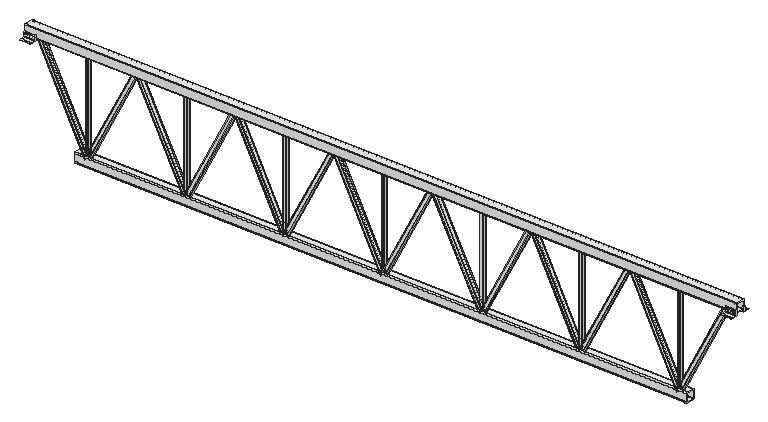
Revit family "Caibro da barra - Banzo do tubo quadrado com trama do tubo quadrado", category Quadro estrutural, Revit 2019
Family settings
  Arredondamento do comprimento do framing estrutural = 1 mm
  Forma do corte = Não definido
  Material para o comportamento do modelo = Aço
  Exportar sempre como geometria = Sim
  Sempre na vertical = Sim
  Corte com vazios quando carregada = Não
  Representação simbólica = Da família
  Compartilhado = Não
  Exibir o pré-corte da família na vista da planta = Sim
Parameters (values of type "TQ D150")
  Material da rede [instance] = Metal - Aço - 250 MPa
  Tipo vertical [instance] = Vertical : TQ 50x50x3.6
  Visibilidade do membro vertical = yes
  Tipo de banzo superior [instance] = Banzo : TQ 130x130x5.2
  Structural Material [instance] = Metal - Aço - 250 MPa
  Deslocamento inicial [instance] = 0 mm
  Extensão inicial do cordão superior [instance] = 0 mm
  SpaceNum [instance] = 2 * Número da metade do espaço  # 14
  Espessura do perfil do assento = 6.4 mm
  Altura do perfil do assento = 76.2 mm
  Comprimento do assento = 150 mm
  Profundidade do assento [instance] = 160 mm
  Tipo diagonal [instance] = Diagonal : TQ 60x60x3.6
  Linear = 1500 mm
  LarguraPainel [instance] = (Length - Comprimento do assento * 2) / SpaceNum  # 692.857 mm
  NumMatrizPainel 2 [instance] = Meio NúmeroMatrizPainel + 1  # 7
  NumMatrizPainel 1 [instance] = Meio NúmeroMatrizPainel  # 6
  NumMatrizPainel [instance] = SpaceNum - 3  # 11
  Altura do painel [instance] = Linear - Profundidade do assento  # 1340 mm
  Comprimento do deslocamento 2 [instance] = Painel final - Deslocamento final + Extensão final do cordão inferior  # 142.857 mm
  Comprimento do deslocamento 1 [instance] = Painel final - Deslocamento inicial + Extensão inicial do cordão inferior  # 142.857 mm
  Número da metade do espaço [instance] = 7
  d [instance] = Profundidade do assento / 2  # 80 mm
  Tipo de banzo inferior [instance] = Banzo : TQ 130x130x5.2
  Extensão inicial do cordão inferior [instance] = -700 mm
  Extensão final do cordão inferior [instance] = -700 mm
  Meio NúmeroMatrizPainel [instance] = NumMatrizPainel / 2  # 6
  Painel final [instance] = LarguraPainel + Comprimento do assento  # 842.857 mm
  Deslocamento final [instance] = 0 mm
  Extensão final do cordão superior [instance] = 0 mm
  Assembly Code = ""
  Length [instance] = 10000 mm
Reference planes
  plane 1 "Centro (Frente/Trás)": y = 0
  plane 2: z = 0
  plane 3 "Centro (Esquerda/Direita)": x = 458.446
  plane 4 "Membro esquerdo": x = -3381.554
  plane 5 "Membro direito": x = 3560.61
  plane 6: z = 750
  plane 7: z = -750
  plane 8 "Esquerda": x = -4541.554
  plane 9 "Símbolo esquerdo de verga": x = -5435.59
  plane 10 "Símbolo direito de verga": x = 6401.136
  plane 11 "Direita": x = 5458.446
  plane 12: x = -4391.554
  plane 13: x = -3698.697
  plane 14: x = 5308.446
  plane 15: x = 4615.588
  plane 16: z = -720
  plane 17: x = -4541.554
  plane 18: x = 5458.446
  plane 19: x = -4541.554
  plane 20: x = 5458.446
  plane 21: x = 3922.731
  plane 22: x = 3229.874
  plane 23: x = -3005.84
  plane 24: x = -2312.983
  plane 25: x = -1620.126
  plane 26: x = -3841.554
  plane 27: x = 4758.446
  plane 28: x = -5435.59
  plane 29 "Esquerda do símbolo": x = -5435.59
  plane 30: x = 6401.136
  plane 31 "Direita do símbolo": x = 6401.136
  plane 32: z = 670
  plane 33: z = -670
  plane 34: z = 590
Forms (mm)
  Sweep 1, solid, material "Metal - Aço - 250 MPa" <- "Structural Material", detail levels medium+fine
    path origin (-4304.156, 65, 762.225) x (1, 0, 0) y (0, 0, -1)
      loop
        line (-237.398, 172.225) -> (-87.398, 172.225)
    profile "Assento - Perfil : Assento - Perfil" origin (-4466.554, 65, 590) x (0, 0, -1) y (0, 1, 0)
      loop
        arc (0, 76.2) -> (-4.525, 74.325) -> (-6.4, 69.8) r 6.4
        line (-6.4, 69.8) -> (-6.4, 12.8)
        arc (-6.4, 12.8) -> (-8.275, 8.275) -> (-12.8, 6.4) r 6.4
        line (-12.8, 6.4) -> (-69.8, 6.4)
        arc (-69.8, 6.4) -> (-74.325, 4.525) -> (-76.2, 0) r 6.4
        line (-76.2, 0) -> (0, 0) -> (0, 76.2)
  Sweep 2, solid, material "Metal - Aço - 250 MPa" <- "Structural Material", detail levels medium+fine
    path origin (-13643.971, -65, 680.328) x (1, 0, 0) y (0, 0, 1)
      loop
        line (9102.417, -90.328) -> (9252.417, -90.328)
    profile "Assento - Perfil : Assento - Perfil" origin (-4466.554, -65, 590) x (0, 0, 1) y (0, -1, 0)
      loop
        arc (76.2, 0) -> (74.325, 4.525) -> (69.8, 6.4) r 6.4
        line (69.8, 6.4) -> (12.8, 6.4)
        arc (12.8, 6.4) -> (8.275, 8.275) -> (6.4, 12.8) r 6.4
        line (6.4, 12.8) -> (6.4, 69.8)
        arc (6.4, 69.8) -> (4.525, 74.325) -> (0, 76.2) r 6.4
        line (0, 76.2) -> (0, 0) -> (76.2, 0)
  Sweep 3, solid, material "Metal - Aço - 250 MPa" <- "Structural Material", detail levels medium+fine
    path origin (-4673.269, 65, 755.271) x (1, 0, 0) y (0, 0, -1)
      loop
        line (9981.715, 165.271) -> (10131.715, 165.271)
    profile "Assento - Perfil : Assento - Perfil" origin (5383.446, 65, 590) x (0, 0, -1) y (0, 1, 0)
      loop
        arc (0, 76.2) -> (-4.525, 74.325) -> (-6.4, 69.8) r 6.4
        line (-6.4, 69.8) -> (-6.4, 12.8)
        arc (-6.4, 12.8) -> (-8.275, 8.275) -> (-12.8, 6.4) r 6.4
        line (-12.8, 6.4) -> (-69.8, 6.4)
        arc (-69.8, 6.4) -> (-74.325, 4.525) -> (-76.2, 0) r 6.4
        line (-76.2, 0) -> (0, 0) -> (0, 76.2)
  Sweep 4, solid, material "Metal - Aço - 250 MPa" <- "Structural Material", detail levels medium+fine
    path origin (6375.741, -65, 640.108) x (1, 0, 0) y (0, 0, 1)
      loop
        line (-1067.295, -50.108) -> (-917.295, -50.108)
    profile "Assento - Perfil : Assento - Perfil" origin (5383.446, -65, 590) x (0, 0, 1) y (0, -1, 0)
      loop
        arc (76.2, 0) -> (74.325, 4.525) -> (69.8, 6.4) r 6.4
        line (69.8, 6.4) -> (12.8, 6.4)
        arc (12.8, 6.4) -> (8.275, 8.275) -> (6.4, 12.8) r 6.4
        line (6.4, 12.8) -> (6.4, 69.8)
        arc (6.4, 69.8) -> (4.525, 74.325) -> (0, 76.2) r 6.4
        line (0, 76.2) -> (0, 0) -> (76.2, 0)
Lines and regions (mm)
  symbolic lines, style "StructuralFraming", detail levels coarse+medium
    curve 1: line (0, 0, -750) -> (0, 0, 750)
  reference lines
    curve 2: line (-5285.59, 0, -873.508) -> (-5285.59, 0, 829.692)
    curve 3: line (-4442.733, 0, -879.858) -> (-4442.733, 0, 829.692)
    curve 4: line (6251.136, 0, -820.588) -> (6251.136, 0, 831.812)
    curve 5: line (5408.279, 0, -947.588) -> (5408.279, 0, 831.812)
  model lines, style "Viga mestra da travessa", detail levels coarse
    curve 6: line (5408.279, 0, -750) -> (-4442.733, 0, -750)
    curve 7: line (6401.136, 0, 750) -> (-5435.59, 0, 750)
  model lines, style "Caibro da teia", detail levels coarse
    curve 8: line (-4442.733, 0, -750) -> (-5285.59, 0, 750)
    curve 9: line (5408.279, 0, -750) -> (6251.136, 0, 750)
Dimensions and locks
  equal spacing: plane 7, plane 2, plane 6
  "Length": plane 8 "Esquerda" to plane 11 "Direita"
  equal spacing: plane 8 "Esquerda", plane 3 "Centro (Esquerda/Direita)", plane 11 "Direita"
  "Painel final": curve 3 to curve 2
  "Painel final": curve 4 to curve 5
  "Linear": plane 7 to plane 6
  "Painel final": plane 8 "Esquerda" to plane 13
  "Painel final": plane 11 "Direita" to plane 15
  "Deslocamento inicial": plane 8 "Esquerda" to plane 19
  "Comprimento do assento": plane 19 to plane 12
  "Extensão inicial do cordão superior": plane 17 to plane 19
  "Deslocamento final": plane 20 to plane 11 "Direita"
  "Comprimento do assento": plane 14 to plane 20
  "Extensão final do cordão superior": plane 20 to plane 18
  "LarguraPainel": plane 15 to plane 21
  "LarguraPainel": plane 21 to plane 22
  "LarguraPainel": plane 13 to plane 23
  "LarguraPainel": plane 24 to plane 23
  "LarguraPainel": plane 25 to plane 24
  "Comprimento do deslocamento 1": plane 13 to plane 26
  "Comprimento do deslocamento 2": plane 27 to plane 15
  "Deslocamento inicial": plane 9 "Símbolo esquerdo de verga" to plane 28
  "Comprimento do assento": curve 2 to plane 28
  "Extensão inicial do cordão superior": plane 28 to plane 29 "Esquerda do símbolo"
  "Comprimento do assento": plane 30 to curve 4
  "Extensão final do cordão superior": plane 31 "Direita do símbolo" to plane 30
  "Deslocamento final": plane 10 "Símbolo direito de verga" to plane 30
  equal spacing: group 1, group 2, group 3, group 4, group 5, group 6  (x3)
  equal spacing: group 7, group 8, group 9, group 10, group 11, group 12  (x3)
  "Profundidade do assento": plane 6 to plane 34
  equal spacing: group 13, group 14, group 15, group 16, group 17, group 18, group 19  (x3)
  "d": plane 32 to plane 6
  "d": plane 7 to plane 33
  aligned and locked: curve 6 to plane 7
  aligned and locked: curve 7 to plane 6
  aligned and locked: curve 3 to curve 6
  aligned and locked: curve 5 to curve 6
  aligned and locked: curve 2 to curve 8
  aligned and locked: curve 4 to curve 9
  aligned and locked: plane 29 "Esquerda do símbolo" to curve 7
  aligned and locked: plane 31 "Direita do símbolo" to curve 7
  aligned and locked: plane 32 to nested 1
  aligned and locked: nested 1 to plane 13
  aligned and locked: plane 24 to nested 2
  aligned and locked: plane 1 "Centro (Frente/Trás)" to nested 1
  aligned and locked: plane 1 "Centro (Frente/Trás)" to nested 2
  aligned and locked: nested 7 to plane 1 "Centro (Frente/Trás)"
  aligned and locked: plane 24 to nested 7
  aligned and locked: nested 7 to plane 32
  aligned and locked: nested 8 to plane 25
  aligned and locked: plane 12 to nested 13
  aligned and locked: nested 13 to plane 1 "Centro (Frente/Trás)"
  aligned and locked: nested 13 to plane 32
  aligned and locked: nested 13 to plane 13
  aligned and locked: plane 15 to nested 14
  aligned and locked: plane 14 to nested 14
  aligned and locked: plane 1 "Centro (Frente/Trás)" to nested 14
  aligned and locked: plane 32 to nested 14
  aligned and locked: nested 15 to plane 17
  aligned and locked: plane 18 to nested 15
  aligned and locked: plane 1 "Centro (Frente/Trás)" to nested 15
  aligned and locked: nested 15 to plane 6
  aligned and locked: plane 1 "Centro (Frente/Trás)" to nested 16
  aligned and locked: nested 16 to plane 26
  aligned and locked: plane 27 to nested 16
  aligned and locked: plane 7 to nested 16
  aligned and locked: plane 12 to Sweep 2 sketch curve
  aligned and locked: plane 19 to Sweep 2 sketch curve
  aligned and locked: Sweep 2 sketch curve to plane 34
  aligned and locked: Sweep 4 sketch curve to plane 34
  aligned and locked: nested 14 to Sweep 4 sketch curve
  aligned and locked: plane 20 to Sweep 4 sketch curve
  aligned and locked: plane 20 to Sweep 3 sketch curve
  aligned and locked: nested 14 to Sweep 3 sketch curve
  aligned and locked: plane 34 to Sweep 3 sketch curve
  aligned and locked: plane 19 to Sweep 1 sketch curve
  aligned and locked: nested 13 to Sweep 1 sketch curve
  aligned and locked: plane 34 to Sweep 1 sketch curve
  aligned and locked: plane 1 "Centro (Frente/Trás)" to nested 17
  aligned and locked: nested 17 to plane 32
  aligned and locked: nested 17 to plane 13
  aligned and locked: plane 24 to nested 18
Automatic sketch dimensions
  curve 1 to plane 1 "Centro (Frente/Trás)" = 0 mm
  curve 1 to plane 7 = 0 mm
  curve 1 to plane 6 = 0 mm
  plane 7 to curve 5 = 197.588 mm
  plane 7 to curve 3 = 129.858 mm
  plane 7 to curve 2 = 123.508 mm
  plane 7 to curve 4 = 70.588 mm
  curve 3 to plane 6 = 79.692 mm
  curve 2 to plane 6 = 79.692 mm
  curve 5 to plane 6 = 81.812 mm
  curve 4 to plane 6 = 81.812 mm
Nested families
  nested 1: "Diagonal" at (-3698.697, 0, 0), type <- "Tipo diagonal", Largura do painel <- "LarguraPainel", Altura do painel <- "Altura do painel", Material <- "Material da rede", type "TQ 60x60x3.6"
    with Largura do painel 692.857 mm, Altura do painel 1340 mm, Material Metal - Aço - 250 MPa, d 60 mm
  nested 2: "Diagonal" at (-2312.983, 0, 0), type <- "Tipo diagonal", Largura do painel <- "LarguraPainel", Altura do painel <- "Altura do painel", Material <- "Material da rede", type "TQ 60x60x3.6"
    with Largura do painel 692.857 mm, Altura do painel 1340 mm, Material Metal - Aço - 250 MPa, d 60 mm
  nested 3: "Diagonal" at (-927.269, 0, 0), type <- "Tipo diagonal", Largura do painel <- "LarguraPainel", Altura do painel <- "Altura do painel", Material <- "Material da rede", type "TQ 60x60x3.6"
    with Largura do painel 692.857 mm, Altura do painel 1340 mm, Material Metal - Aço - 250 MPa, d 60 mm
  nested 4: "Diagonal" at (458.446, 0, 0), type <- "Tipo diagonal", Largura do painel <- "LarguraPainel", Altura do painel <- "Altura do painel", Material <- "Material da rede", type "TQ 60x60x3.6"
    with Largura do painel 692.857 mm, Altura do painel 1340 mm, Material Metal - Aço - 250 MPa, d 60 mm
  nested 5: "Diagonal" at (1844.16, 0, 0), type <- "Tipo diagonal", Largura do painel <- "LarguraPainel", Altura do painel <- "Altura do painel", Material <- "Material da rede", type "TQ 60x60x3.6"
    with Largura do painel 692.857 mm, Altura do painel 1340 mm, Material Metal - Aço - 250 MPa, d 60 mm
  nested 6: "Diagonal" at (3229.874, 0, 0), type <- "Tipo diagonal", Largura do painel <- "LarguraPainel", Altura do painel <- "Altura do painel", Material <- "Material da rede", type "TQ 60x60x3.6"
    with Largura do painel 692.857 mm, Altura do painel 1340 mm, Material Metal - Aço - 250 MPa, d 60 mm
  nested 7: "Diagonal" at (-2312.983, 0, 0) x (-1, 0, 0) z (0, 0, 1), type <- "Tipo diagonal", Largura do painel <- "LarguraPainel", Altura do painel <- "Altura do painel", Material <- "Material da rede", type "TQ 60x60x3.6"
    with Largura do painel 692.857 mm, Altura do painel 1340 mm, Material Metal - Aço - 250 MPa, d 60 mm
  nested 8: "Diagonal" at (-927.269, 0, 0) x (-1, 0, 0) z (0, 0, 1), type <- "Tipo diagonal", Largura do painel <- "LarguraPainel", Altura do painel <- "Altura do painel", Material <- "Material da rede", type "TQ 60x60x3.6"
    with Largura do painel 692.857 mm, Altura do painel 1340 mm, Material Metal - Aço - 250 MPa, d 60 mm
  nested 9: "Diagonal" at (458.446, 0, 0) x (-1, 0, 0) z (0, 0, 1), type <- "Tipo diagonal", Largura do painel <- "LarguraPainel", Altura do painel <- "Altura do painel", Material <- "Material da rede", type "TQ 60x60x3.6"
    with Largura do painel 692.857 mm, Altura do painel 1340 mm, Material Metal - Aço - 250 MPa, d 60 mm
  nested 10: "Diagonal" at (1844.16, 0, 0) x (-1, 0, 0) z (0, 0, 1), type <- "Tipo diagonal", Largura do painel <- "LarguraPainel", Altura do painel <- "Altura do painel", Material <- "Material da rede", type "TQ 60x60x3.6"
    with Largura do painel 692.857 mm, Altura do painel 1340 mm, Material Metal - Aço - 250 MPa, d 60 mm
  nested 11: "Diagonal" at (3229.874, 0, 0) x (-1, 0, 0) z (0, 0, 1), type <- "Tipo diagonal", Largura do painel <- "LarguraPainel", Altura do painel <- "Altura do painel", Material <- "Material da rede", type "TQ 60x60x3.6"
    with Largura do painel 692.857 mm, Altura do painel 1340 mm, Material Metal - Aço - 250 MPa, d 60 mm
  nested 12: "Diagonal" at (4615.588, 0, 0) x (-1, 0, 0) z (0, 0, 1), type <- "Tipo diagonal", Largura do painel <- "LarguraPainel", Altura do painel <- "Altura do painel", Material <- "Material da rede", type "TQ 60x60x3.6"
    with Largura do painel 692.857 mm, Altura do painel 1340 mm, Material Metal - Aço - 250 MPa, d 60 mm
  nested 13: "Diagonal" at (-3698.697, 0, 0) x (-1, 0, 0) z (0, 0, 1), Altura do painel <- "Altura do painel", type <- "Tipo diagonal", Material <- "Material da rede", type "TQ 60x60x3.6"
    with Largura do painel 692.857 mm, Altura do painel 1340 mm, Material Metal - Aço - 250 MPa, d 60 mm
  nested 14: "Diagonal" at (4615.588, 0, 0), Altura do painel <- "Altura do painel", type <- "Tipo diagonal", Material <- "Material da rede", type "TQ 60x60x3.6"
    with Largura do painel 692.857 mm, Altura do painel 1340 mm, Material Metal - Aço - 250 MPa, d 60 mm
  nested 15: "Banzo" at (458.446, 0, 685), type <- "Tipo de banzo superior", Material <- "Structural Material", type "TQ 130x130x5.2"
    with Material Metal - Aço - 250 MPa, Comprimento 10000 mm, t 5.2 mm, d 130 mm, b 130 mm
  nested 16: "Banzo" at (458.446, 0, -685), type <- "Tipo de banzo inferior", Material <- "Structural Material", type "TQ 130x130x5.2"
    with Material Metal - Aço - 250 MPa, Comprimento 8600 mm, t 5.2 mm, d 130 mm, b 130 mm
  nested 17: "Vertical" at (-3698.697, 0, 0), Altura do painel <- "Altura do painel", Material <- "Material da rede", visible <- "Visibilidade do membro vertical", type "TQ 50x50x3.6"
    with Altura do painel 1340 mm, Material Metal - Aço - 250 MPa
  nested 18: "Vertical" at (-2312.983, 0, 0), Altura do painel <- "Altura do painel", Material <- "Material da rede", visible <- "Visibilidade do membro vertical", type "TQ 50x50x3.6"
    with Altura do painel 1340 mm, Material Metal - Aço - 250 MPa
  nested 19: "Vertical" at (-927.269, 0, 0), Altura do painel <- "Altura do painel", Material <- "Material da rede", visible <- "Visibilidade do membro vertical", type "TQ 50x50x3.6"
    with Altura do painel 1340 mm, Material Metal - Aço - 250 MPa
  nested 20: "Vertical" at (458.446, 0, 0), Altura do painel <- "Altura do painel", Material <- "Material da rede", visible <- "Visibilidade do membro vertical", type "TQ 50x50x3.6"
    with Altura do painel 1340 mm, Material Metal - Aço - 250 MPa
  nested 21: "Vertical" at (1844.16, 0, 0), Altura do painel <- "Altura do painel", Material <- "Material da rede", visible <- "Visibilidade do membro vertical", type "TQ 50x50x3.6"
    with Altura do painel 1340 mm, Material Metal - Aço - 250 MPa
  nested 22: "Vertical" at (3229.874, 0, 0), Altura do painel <- "Altura do painel", Material <- "Material da rede", visible <- "Visibilidade do membro vertical", type "TQ 50x50x3.6"
    with Altura do painel 1340 mm, Material Metal - Aço - 250 MPa
  nested 23: "Vertical" at (4615.588, 0, 0), Altura do painel <- "Altura do painel", Material <- "Material da rede", visible <- "Visibilidade do membro vertical", type "TQ 50x50x3.6"
    with Altura do painel 1340 mm, Material Metal - Aço - 250 MPa
Definition of nested family "Diagonal"
  Parameters
    t = 3.6 mm
    d = 50 mm
    Largura do painel [instance] = 692.857 mm
    Altura do painel [instance] = 1570 mm
    Material [instance] = none
  Reference planes
    plane 1 "Centro (Frente/Trás)": y = 0
    plane 2: z = 0
    plane 3 "Centro (Esquerda/Direita)": x = 0
    plane 4: z = 785
    plane 5: z = -785
    plane 6: x = 692.857
  Forms (mm)
    Sweep 1, solid, material <- "Material", detail levels medium+fine
      path in 3D
        loop
          line (0, 0, -785) -> (692.857, 0, 785)
      profile "Tubo quadrado - Perfil : Tubo quadrado - Perfil" origin (346.429, 0, 0) x (-0.914873, 0, 0.403743) y (0, -1, 0)
        loop
          arc (-17.8, 21.4) -> (-20.346, 20.346) -> (-21.4, 17.8) r 3.6
          line (-21.4, 17.8) -> (-21.4, -17.8)
          arc (-21.4, -17.8) -> (-20.346, -20.346) -> (-17.8, -21.4) r 3.6
          line (-17.8, -21.4) -> (17.8, -21.4)
          arc (17.8, -21.4) -> (20.346, -20.346) -> (21.4, -17.8) r 3.6
          line (21.4, -17.8) -> (21.4, 17.8)
          arc (21.4, 17.8) -> (20.346, 20.346) -> (17.8, 21.4) r 3.6
          line (17.8, 21.4) -> (-17.8, 21.4)
        loop
          arc (-17.8, 25) -> (-22.891, 22.891) -> (-25, 17.8) r 7.2
          line (-25, 17.8) -> (-25, -17.8)
          arc (-25, -17.8) -> (-22.891, -22.891) -> (-17.8, -25) r 7.2
          line (-17.8, -25) -> (17.8, -25)
          arc (17.8, -25) -> (22.891, -22.891) -> (25, -17.8) r 7.2
          line (25, -17.8) -> (25, 17.8)
          arc (25, 17.8) -> (22.891, 22.891) -> (17.8, 25) r 7.2
          line (17.8, 25) -> (-17.8, 25)
  Lines and regions (mm)
    model lines
      curve 1: line (0, 0, 785) -> (692.857, 0, 785)
      curve 2: line (0, 0, -785) -> (0, 0, 785)
      curve 3: line (692.857, 0, -785) -> (0, 0, -785)
      curve 4: line (692.857, 0, 785) -> (692.857, 0, -785)
    model lines, not visible, detail levels medium
      curve 5: line (0, 0, -785) -> (692.857, 0, 785)
    sketch lines
      curve 6: line (0, 0, -785) -> (692.857, 0, 785)
  Dimensions and locks
    equal spacing: plane 4, level, plane 5
    "Largura do painel": plane 6 to plane 3 "Centro (Esquerda/Direita)"
    "Altura do painel": plane 4 to plane 5
    aligned and locked: level to plane 2
    aligned and locked: curve 1 to plane 4
    aligned and locked: curve 2 to plane 3 "Centro (Esquerda/Direita)"
    aligned and locked: plane 5 to curve 3
  Automatic sketch dimensions
    curve 5 to plane 6 = 0 mm
Definition of nested family "Banzo"
  Parameters
    t = 3.9 mm
    d = 90 mm
    b = d  # 90 mm
    Material [instance] = none
    Comprimento [instance] = 2239.956 mm
  Reference planes
    plane 1 "Centro (Frente/Trás)": y = 0
    plane 2: z = 0
    plane 3 "Centro (Esquerda/Direita)": x = 0
    plane 4: x = -1119.978
    plane 5: x = 1119.978
    plane 6: y = 45
    plane 7: z = 45
    plane 8: y = -45
    plane 9: z = -45
    plane 10: y = 41.1
  Forms (mm)
    Sweep 1, solid, material <- "Material", detail levels medium+fine
      path origin (0, 0, 0) x (1, 0, 0) y (0, 1, 0)
        loop
          line (-1119.978, 0) -> (1119.978, 0)
      profile "Tubo quadrado - Perfil : Tubo quadrado - Perfil" origin (0, 0, 0) x (0, 1, 0) y (0, 0, 1)
        loop
          arc (-37.2, 41.1) -> (-39.958, 39.958) -> (-41.1, 37.2) r 3.9
          line (-41.1, 37.2) -> (-41.1, -37.2)
          arc (-41.1, -37.2) -> (-39.958, -39.958) -> (-37.2, -41.1) r 3.9
          line (-37.2, -41.1) -> (37.2, -41.1)
          arc (37.2, -41.1) -> (39.958, -39.958) -> (41.1, -37.2) r 3.9
          line (41.1, -37.2) -> (41.1, 37.2)
          arc (41.1, 37.2) -> (39.958, 39.958) -> (37.2, 41.1) r 3.9
          line (37.2, 41.1) -> (-37.2, 41.1)
        loop
          arc (-37.2, 45) -> (-42.715, 42.715) -> (-45, 37.2) r 7.8
          line (-45, 37.2) -> (-45, -37.2)
          arc (-45, -37.2) -> (-42.715, -42.715) -> (-37.2, -45) r 7.8
          line (-37.2, -45) -> (37.2, -45)
          arc (37.2, -45) -> (42.715, -42.715) -> (45, -37.2) r 7.8
          line (45, -37.2) -> (45, 37.2)
          arc (45, 37.2) -> (42.715, 42.715) -> (37.2, 45) r 7.8
          line (37.2, 45) -> (-37.2, 45)
  Dimensions and locks
    "Comprimento": plane 4 to plane 5
    equal spacing: plane 6, plane 1 "Centro (Frente/Trás)", plane 8
    equal spacing: plane 7, plane 2, plane 9
    "b": plane 6 to plane 8
    "d": plane 9 to plane 7
    "t": plane 6 to plane 10
    equal spacing: plane 4, plane 3 "Centro (Esquerda/Direita)", plane 5
    aligned and locked: level to plane 2
    aligned and locked: plane 1 "Centro (Frente/Trás)" to Sweep 1 sketch curve
    aligned and locked: plane 5 to Sweep 1 sketch curve
    aligned and locked: plane 4 to Sweep 1 sketch curve
Definition of nested family "Vertical"
  Parameters
    t = 3.6 mm
    d = 50 mm
    Altura do painel [instance] = 1570 mm
    Material [instance] = none
  Reference planes
    plane 1 "Centro (Frente/Trás)": y = 0
    plane 2: z = 0
    plane 3 "Centro (Esquerda/Direita)": x = 0
    plane 4: z = 785
    plane 5: z = -785
  Forms (mm)
    Sweep 1, solid, material <- "Material", detail levels medium+fine
      path in 3D
        loop
          line (0, 0, 785) -> (0, 0, -785)
      profile "Tubo quadrado - Perfil : Tubo quadrado - Perfil" origin (0, 0, 0) x (1, 0, 0) y (0, -1, 0)
        loop
          arc (-17.8, 21.4) -> (-20.346, 20.346) -> (-21.4, 17.8) r 3.6
          line (-21.4, 17.8) -> (-21.4, -17.8)
          arc (-21.4, -17.8) -> (-20.346, -20.346) -> (-17.8, -21.4) r 3.6
          line (-17.8, -21.4) -> (17.8, -21.4)
          arc (17.8, -21.4) -> (20.346, -20.346) -> (21.4, -17.8) r 3.6
          line (21.4, -17.8) -> (21.4, 17.8)
          arc (21.4, 17.8) -> (20.346, 20.346) -> (17.8, 21.4) r 3.6
          line (17.8, 21.4) -> (-17.8, 21.4)
        loop
          arc (-17.8, 25) -> (-22.891, 22.891) -> (-25, 17.8) r 7.2
          line (-25, 17.8) -> (-25, -17.8)
          arc (-25, -17.8) -> (-22.891, -22.891) -> (-17.8, -25) r 7.2
          line (-17.8, -25) -> (17.8, -25)
          arc (17.8, -25) -> (22.891, -22.891) -> (25, -17.8) r 7.2
          line (25, -17.8) -> (25, 17.8)
          arc (25, 17.8) -> (22.891, 22.891) -> (17.8, 25) r 7.2
          line (17.8, 25) -> (-17.8, 25)
  Lines and regions (mm)
    model lines, not visible, detail levels medium
      curve 1: line (0, 0, 785) -> (0, 0, -785)
    sketch lines
      curve 2: line (0, 0, 785) -> (0, 0, -785)
  Dimensions and locks
    equal spacing: plane 4, level, plane 5
    "Altura do painel": plane 4 to plane 5
    aligned and locked: level to plane 2
    aligned and locked: curve 1 to plane 3 "Centro (Esquerda/Direita)"
    aligned and locked: plane 4 to curve 1
    aligned and locked: plane 5 to curve 1
